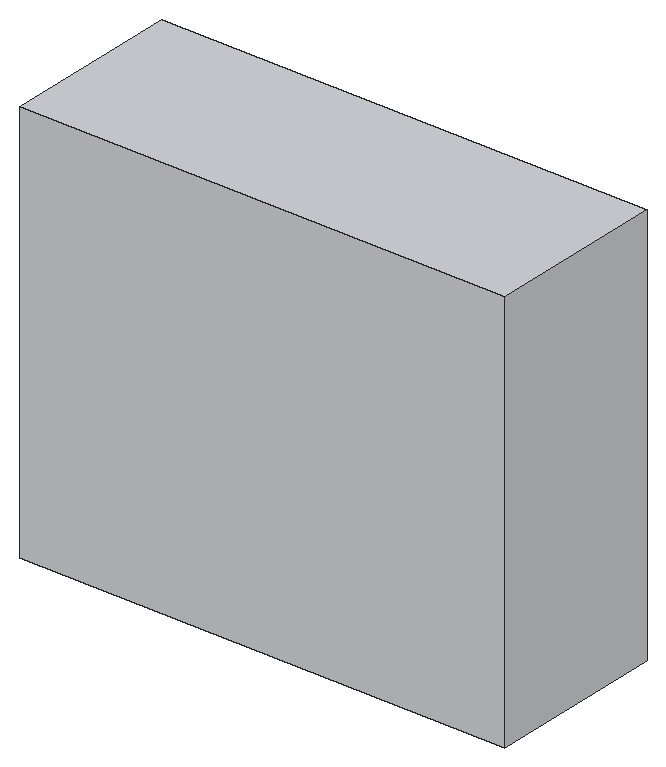
Revit family "HZG_Heizkörper Ventil VL+RL rechts_de_DE", category HLS-Bauteile, Revit 2015
Parameters (values of type "22/500/600")
  Cc_Länge = 600 mm
  Cc_Höhe = 500 mm
  Cc_Breite = 220 mm
  Breite = Cc_Breite  # 220 mm
  Wasserdruckverlust [instance] = 0.00 psi
  Massenstrom [instance] = 0 GPM
  Wandabstand = 20 mm
  Nennradius = 7.5 mm
  Nenndurchmesser = Nennradius * 2  # 15 mm
  Länge = Cc_Länge  # 600 mm
  Höhe = Cc_Höhe  # 500 mm
  Heizleistung [instance] = 0.0 Btu/h
  Aktualisierung = ""
  AB = 0 mm
Types (4, lengths in mm): name | Cc_Länge | Cc_Höhe | Cc_Breite | Breite | Länge | Höhe | AB
  (no name) | 600 | 500 | 220 | 220 | 600 | 500 | 0
  10/300/600 | 600 | 300 | 100 | 100 | 600 | 300 | 40
  12/400/800 | 800 | 400 | 120 | 120 | 800 | 400 | 0
  22/500/600 | 600 | 500 | 220 | 220 | 600 | 500 | 0
Reference planes
  plane 1 "Mitte (Vorne/Hinten)": y = 0
  plane 2: z = 0
  plane 3 "Mitte (Links/Rechts)": x = 0
  plane 4: y = -240
  plane 5: y = -130
  plane 6: y = -20
  plane 7: x = 300
  plane 8: z = 500
  plane 9: x = -300
  plane 10: z = 2
Forms (mm)
  Extrusion 1, solid, detail levels medium+fine
    sketch origin (0, 17.773, 0) x (0, -1, 0) y (1, 0, 0)
      loop
        line (37.773, 300) -> (37.773, -300) -> (257.773, -300) -> (257.773, 300) -> (37.773, 300)
    from 0 to 500
  Extrusion 2, solid, detail levels medium+fine
    sketch origin (422.82, 17.773, 2) x (1, 0, 0) y (0, 1, 0)
      loop
        circle (-162.82, -147.773) r 7.5
      loop
        circle (-202.82, -147.773) r 7.5
    from 0 to -2
Lines and regions (mm)
  model lines, detail levels coarse
    curve 1: line (300, -20, 0) -> (300, -240, 0)
    curve 2: line (-300, -20, 0) -> (300, -20, 0)
    curve 3: line (-300, -240, 0) -> (-300, -20, 0)
    curve 4: line (300, -240, 0) -> (-300, -240, 0)
  model lines, style "Symbol", detail levels coarse
    curve 5: line (0, -20, 500) -> (0, -240, 500)
    curve 6: line (0, -20, 0) -> (0, -20, 500)
    curve 7: line (0, -240, 0) -> (0, -20, 0)
    curve 8: line (0, -240, 500) -> (0, -240, 0)
    curve 9: line (300, -130, 500) -> (-300, -130, 500)
    curve 10: line (300, -130, 0) -> (300, -130, 500)
    curve 11: line (-300, -130, 0) -> (300, -130, 0)
    curve 12: line (-300, -130, 500) -> (-300, -130, 0)
Dimensions and locks
  equal spacing: plane 6, plane 5, plane 4
  "Breite": plane 6 to plane 4
  "Höhe": plane 8 to level
  "Länge": plane 7 to plane 9
  locked: plane 10 to level at 2
  locked: plane 7 to Extrusion 2 sketch curve at 80
  locked: plane 7 to Extrusion 2 sketch curve at 40
  equal spacing: plane 9, plane 3 "Mitte (Links/Rechts)", plane 7
  "Wandabstand": plane 6 to plane 1 "Mitte (Vorne/Hinten)"
  "Nennradius": radius of Extrusion 2 sketch curve  (x2)
  aligned and locked: plane 2 to level
  aligned and locked: Extrusion 1 sketch curve to plane 7
  aligned and locked: plane 6 to Extrusion 1 sketch curve
  aligned and locked: Extrusion 1 sketch curve to plane 4
  aligned and locked: Extrusion 1 to plane 9
  aligned and locked: Extrusion 1 to level
  aligned and locked: plane 8 to Extrusion 1
  aligned and locked: Extrusion 1 to plane 2
  aligned and locked: plane 10 to Extrusion 2
  aligned and locked: Extrusion 2 to level
  aligned and locked: curve 1 to plane 7
  aligned and locked: plane 6 to curve 2
  aligned and locked: curve 3 to Extrusion 1
  aligned and locked: curve 4 to Extrusion 1
  aligned and locked: curve 5 to Extrusion 1
  aligned and locked: curve 6 to Extrusion 1
  aligned and locked: curve 7 to curve 1
  aligned and locked: curve 8 to Extrusion 1
  aligned and locked: curve 9 to Extrusion 1
  aligned and locked: curve 10 to Extrusion 1
  aligned and locked: curve 11 to curve 2
  aligned and locked: curve 12 to Extrusion 1
Automatic sketch dimensions
  Extrusion 1 sketch curve to plane 9 = 0 mm
  plane 5 to Extrusion 2 sketch curve = 0 mm  (x2)
Connectors
  piping at (220, -130, 0), diameter 15, driven by "Massenstrom", driven by "Nennradius"
    settings: on Extrusion 2, index 1, connector inside diameter 15 mm, connector length 0 mm, flow factor 0, pipe flow 0 GPM, pressure drop 0.00 psi, fitting loss kfactor 0, connector angle 0.00°, fixture units 0, engagement length 0 mm, angle of deflection 0.00°, flow configuration 1, flow direction 1, fitting loss method 0, system type 7, joint type 0, gender type 0, connector reference index 2, connector utility 0, adjustable connector no, is connector primary yes, connector description ""
  piping at (260, -130, 0), diameter 15, driven by "Massenstrom", driven by "Wasserdruckverlust", driven by "Nennradius"
    settings: on Extrusion 2, index 2, connector inside diameter 15 mm, connector length 0 mm, flow factor 0, pipe flow 0 GPM, pressure drop 0.00 psi, fitting loss kfactor 0, connector angle 0.00°, fixture units 0, engagement length 0 mm, angle of deflection 0.00°, flow configuration 1, flow direction 2, fitting loss method 4, system type 8, joint type 0, gender type 0, connector reference index 1, connector utility 0, adjustable connector no, is connector primary no, connector description ""
